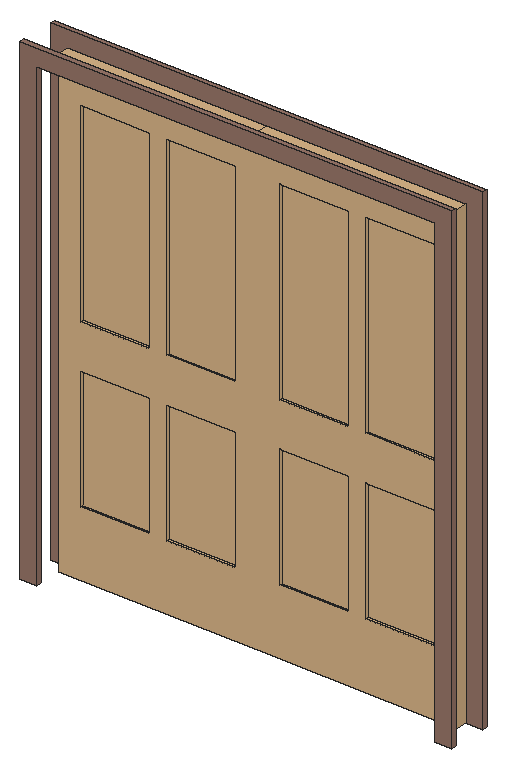
Revit family
Parameters (values of type "1830 x 2134mm")
  Thickness = 51.00 mm
  Door Material = Door - Panel
  Frame Material = Door - Frame
  Height = 2134.00 mm
  Trim Projection Ext = 25.00 mm
  Trim Projection Int = 25.00 mm
  Trim Width = 76.00 mm
  Wall Closure = (empty or 0)
  Width = 1830.00 mm
Types (5, lengths in mm): name | Height | Width
  1830 x 1981mm | 1981.00 | 1830.00
  1830 x 2083mm | 2083.00 | 1830.00
  1830 x 2134mm | 2134.00 | 1830.00
  1730 x 2134mm | 2134.00 | 1730.00
  1730 x 2032mm | 2032.00 | 1730.00
Reference planes
  plane 1: y = 0
  plane 2: z = 0
  plane 3 "Center": x = 0
  plane 4 "Left": x = -915
  plane 5 "Right": x = 915
  plane 6 "Top": z = 2134
  plane 7: z = 1956.2
  plane 8: z = 1066.8
  plane 9: z = 863.6
  plane 10: z = 304.8
  plane 11: x = 813.4
  plane 12: x = 495.6
  plane 13: x = 419.4
  plane 14: x = 101.6
  plane 15: x = -101.6
  plane 16: x = -419.4
  plane 17: x = -495.6
  plane 18: x = -813.4
  plane 19: x = 457.5
  plane 20: x = -457.5
Forms (mm)
  Extrusion 1, solid, material "Door - Frame" <- "Frame Material"
    sketch origin (-2286, -76.2, 0) x (1, 0, 0) y (0, 0, 1)
      loop
        line (1371, 0) -> (1371, 2134) -> (3201, 2134) -> (3201, 0) -> (3277, 0) -> (3277, 2210) -> (1295, 2210) -> (1295, 0) -> (1371, 0)
    from 0 to 25
  Extrusion 2, solid, material "Door - Panel" <- "Door Material"
    sketch origin (-2286, 101.6, 0) x (-1, 0, 0) y (0, 0, 1)
      loop
        line (-3201, 2134) -> (-3201, 0) -> (-2286, 0) -> (-1371, 0) -> (-1371, 2134) -> (-2286, 2134) -> (-3201, 2134)
      loop
        line (-3099.4, 1956.2) -> (-3099.4, 1066.8) -> (-2781.6, 1066.8) -> (-2781.6, 1956.2) -> (-3099.4, 1956.2)
      loop
        line (-2705.4, 1956.2) -> (-2705.4, 1066.8) -> (-2387.6, 1066.8) -> (-2387.6, 1956.2) -> (-2705.4, 1956.2)
      loop
        line (-3099.4, 863.6) -> (-3099.4, 304.8) -> (-2781.6, 304.8) -> (-2781.6, 863.6) -> (-3099.4, 863.6)
      loop
        line (-2705.4, 863.6) -> (-2705.4, 304.8) -> (-2387.6, 304.8) -> (-2387.6, 863.6) -> (-2705.4, 863.6)
      loop
        line (-2184.4, 1066.8) -> (-1866.6, 1066.8) -> (-1866.6, 1956.2) -> (-2184.4, 1956.2) -> (-2184.4, 1066.8)
      loop
        line (-1790.4, 1956.2) -> (-1790.4, 1066.8) -> (-1472.6, 1066.8) -> (-1472.6, 1956.2) -> (-1790.4, 1956.2)
      loop
        line (-2184.4, 863.6) -> (-2184.4, 304.8) -> (-1866.6, 304.8) -> (-1866.6, 863.6) -> (-2184.4, 863.6)
      loop
        line (-1790.4, 863.6) -> (-1790.4, 304.8) -> (-1472.6, 304.8) -> (-1472.6, 863.6) -> (-1790.4, 863.6)
    from -25.4 to -76.4
  Extrusion 3, solid, material "Door - Panel" <- "Door Material"
    sketch origin (-2286, 76.2, 0) x (-1, 0, 0) y (0, 0, 1)
      loop
        line (-3099.4, 1956.2) -> (-3099.4, 1066.8) -> (-2781.6, 1066.8) -> (-2781.6, 1956.2) -> (-3099.4, 1956.2)
      loop
        line (-2387.6, 1066.8) -> (-2387.6, 1956.2) -> (-2705.4, 1956.2) -> (-2705.4, 1066.8) -> (-2387.6, 1066.8)
      loop
        line (-3099.4, 304.8) -> (-2781.6, 304.8) -> (-2781.6, 863.6) -> (-3099.4, 863.6) -> (-3099.4, 304.8)
      loop
        line (-2387.6, 863.6) -> (-2705.4, 863.6) -> (-2705.4, 304.8) -> (-2387.6, 304.8) -> (-2387.6, 863.6)
      loop
        line (-2184.4, 1066.8) -> (-1866.6, 1066.8) -> (-1866.6, 1956.2) -> (-2184.4, 1956.2) -> (-2184.4, 1066.8)
      loop
        line (-1790.4, 1066.8) -> (-1472.6, 1066.8) -> (-1472.6, 1956.2) -> (-1790.4, 1956.2) -> (-1790.4, 1066.8)
      loop
        line (-2184.4, 863.6) -> (-2184.4, 304.8) -> (-1866.6, 304.8) -> (-1866.6, 863.6) -> (-2184.4, 863.6)
      loop
        line (-1790.4, 863.6) -> (-1790.4, 304.8) -> (-1472.6, 304.8) -> (-1472.6, 863.6) -> (-1790.4, 863.6)
    from -12.7 to -38.3
  Extrusion 4, solid, material "Door - Frame" <- "Frame Material"
    sketch origin (-1524, 76.2, 0) x (-1, 0, 0) y (0, 0, 1)
      loop
        line (-2515, 2210) -> (-2515, 0) -> (-2439, 0) -> (-2439, 2134) -> (-609, 2134) -> (-609, 0) -> (-533, 0) -> (-533, 2210) -> (-2515, 2210)
    from 0 to 25
Lines and regions (mm)
  Opening 1
    outline origin (-2286, -76.2, 0) x (1, 0, 0) y (0, 0, 1)
      loop
        line (1371, 0) -> (3201, 0) -> (3201, 2134) -> (1371, 2134) -> (1371, 0)
  symbolic lines, style "Plan Swing"
    curve 1: arc (-0.741, 76.2, 0) -> (-268.855, 723.484, 0) -> (-916.139, 991.598, 0) r 915.398
    curve 2: arc (-0.741, 76.2, 0) -> (267.469, 723.766, 0) -> (915.006, 992.045, 0) r 915.845
  symbolic lines, style "DoorsPanelProjection"
    curve 3: line (-916.139, 76.2, 0) -> (-864, 76.2, 0)
    curve 4: line (-916.139, 76.2, 0) -> (-916.139, 991.598, 0)
    curve 5: line (915.006, 76.2, 0) -> (864, 76.2, 0)
    curve 6: line (915.006, 76.2, 0) -> (915.006, 992.045, 0)
    curve 7: line (864, 76.2, 0) -> (864, 990.619, 0)
    curve 10: line (863.955, 990.619, 0) -> (915.001, 990.619, 0)
    curve 11: line (-916.139, 991.598, 0) -> (-864, 991.598, 0)
    curve 12: line (-864, 991.598, 0) -> (-864, 76.2, 0)
  model lines, style "DoorsPanelProjection"
    curve 8: line (0, 76.2, 2134) -> (0, 76.2, 0)
    curve 9: line (0, 25.2, 2134) -> (0, 25.2, 0)
  symbolic lines, style "Elevation Swing"
    curve 13: line (0, 0, 2134) -> (915, 0, 1067)
    curve 14: line (0, 0, 0) -> (915, 0, 1067)
    curve 15: line (0, 0, 2134) -> (-915, 0, 1067)
    curve 16: line (-915, 0, 1067) -> (0, 0, 0)
Text (mm)
  text "Exterior" at (-1490.41, 693.701, 0), in view "Floor Line"
  text "Interior" at (-1482.03, -638.649, 0), in view "Floor Line"
  text "Exterior" at (0, 1019.848, 3124.603), in view "Right"
  text "Interior" at (0, -1635.541, 3124.603), in view "Right"
  text "Interior" at (0, -787.806, 2867.919), in view "Left"
  text "Exterior" at (0, 1386.095, 2867.919), in view "Left"
Dimensions and locks
  equal spacing: plane 4 "Left", plane 3 "Center", plane 5 "Right"
  "Height": plane 2 to plane 6 "Top"
  "Trim Width": Extrusion 1 sketch curve to plane 4 "Left"
  "Trim Width": Extrusion 1 sketch curve to plane 5 "Right"
  "Trim Width": Extrusion 1 sketch curve to plane 6 "Top"
  "Trim Projection Int": Extrusion 1 to host wall
  plane 11 to plane 5 "Right" = 101.60 mm
  plane 18 to plane 4 "Left" = 101.60 mm
  plane 7 to plane 6 "Top" = 177.80 mm
  plane 9 to plane 8 = 203.20 mm
  host wall to plane 10 = 304.80 mm
  plane 14 to plane 3 "Center" to plane 15 = 101.60 mm locked, 101.60 mm locked
  "Thickness": Extrusion 2 to host wall
  "Trim Projection Ext": Extrusion 4 to host wall
  locked: Extrusion 2 to Extrusion 3 at 12.7
  locked: Extrusion 3 to Extrusion 2 at 12.7
  "Trim Width": plane 6 "Top" to Extrusion 4 sketch curve
  "Trim Width": plane 5 "Right" to Extrusion 4 sketch curve
  "Trim Width": Extrusion 4 sketch curve to plane 4 "Left"
  "Thickness": curve 7 to plane 5 "Right"
  "Width": plane 4 "Left" to plane 5 "Right"
  "Thickness": plane 4 "Left" to curve 12
  equal spacing: plane 11, plane 19, plane 14
  plane 12 to plane 19 to plane 13 = 38.10 mm locked, 38.10 mm locked
  equal spacing: plane 15, plane 20, plane 18
  plane 16 to plane 20 to plane 17 = 38.10 mm locked, 38.10 mm locked
  equal spacing: level, curve 14, plane 6 "Top"
  equal spacing: level, curve 16, plane 6 "Top"
  aligned and locked: plane 4 "Left" to Opening 1 sketch curve
  aligned and locked: plane 6 "Top" to Opening 1 sketch curve  (x2)
  aligned and locked: Opening 1 sketch curve to plane 5 "Right"
  aligned and locked: Opening 1 sketch curve to level
  aligned and locked: plane 4 "Left" to Extrusion 1 sketch curve
  aligned and locked: plane 6 "Top" to Extrusion 1 sketch curve  (x2)
  aligned and locked: plane 5 "Right" to Extrusion 1 sketch curve  (x2)
  aligned and locked: level to Extrusion 1 sketch curve
  aligned and locked: Extrusion 1 sketch curve to level
  aligned and locked: plane 2 to Extrusion 1 sketch curve
  aligned and locked: Extrusion 1 to host wall
  aligned and locked: plane 11 to Extrusion 2 sketch curve  (x2)
  aligned and locked: plane 7 to Extrusion 2 sketch curve  (x4)
  aligned and locked: plane 8 to Extrusion 2 sketch curve  (x4)
  aligned and locked: plane 12 to Extrusion 2 sketch curve  (x2)
  aligned and locked: plane 13 to Extrusion 2 sketch curve  (x2)
  aligned and locked: plane 14 to Extrusion 2 sketch curve  (x2)
  aligned and locked: plane 9 to Extrusion 2 sketch curve  (x4)
  aligned and locked: plane 10 to Extrusion 2 sketch curve  (x4)
  aligned and locked: plane 15 to Extrusion 2 sketch curve  (x2)
  aligned and locked: Extrusion 2 sketch curve to plane 16
  aligned and locked: plane 17 to Extrusion 2 sketch curve  (x2)
  aligned and locked: plane 18 to Extrusion 2 sketch curve  (x2)
  aligned and locked: plane 16 to Extrusion 2 sketch curve
  aligned and locked: plane 11 to Extrusion 3 sketch curve
  aligned and locked: plane 7 to Extrusion 3 sketch curve  (x2)
  aligned and locked: Extrusion 3 sketch curve to Extrusion 2  (x23)
  aligned and locked: plane 14 to Extrusion 3 sketch curve
  aligned and locked: Extrusion 3 sketch curve to plane 8
  aligned and locked: Extrusion 2 to Extrusion 3 sketch curve
  aligned and locked: host wall to Extrusion 2
  aligned and locked: curve 5 to Extrusion 2
  aligned and locked: curve 9 to curve 8
  aligned and locked: plane 16 to Extrusion 3 sketch curve
  aligned and locked: plane 17 to Extrusion 3 sketch curve
  aligned and locked: curve 10 to curve 7
  aligned and locked: host wall to curve 1
  aligned and locked: curve 3 to host wall
  aligned and locked: curve 11 to curve 4
Automatic sketch dimensions
  Extrusion 2 sketch curve to level = 0.00 mm
  Extrusion 2 sketch curve to plane 4 "Left" = 0.00 mm
  Extrusion 2 sketch curve to plane 3 "Center" = 0.00 mm  (x2)
  Extrusion 2 sketch curve to plane 5 "Right" = 0.00 mm
  Extrusion 2 sketch curve to plane 6 "Top" = 0.00 mm
  Extrusion 4 sketch curve to level = 0.00 mm  (x2)
  Extrusion 4 sketch curve to plane 5 "Right" = 0.00 mm
  Extrusion 4 sketch curve to plane 4 "Left" = 0.00 mm
  Extrusion 4 sketch curve to plane 6 "Top" = 0.00 mm
  Extrusion 3 sketch curve to plane 10 = 0.00 mm
  curve 10 to curve 7 = 0.045 mm
  curve 1 to plane 3 "Center" = 0.741 mm
  curve 2 to curve 1 = 0.00 mm
  curve 3 to curve 12 = 0.00 mm
  plane 4 "Left" to curve 4 = 1.139 mm
  curve 11 to curve 1 = 0.00 mm
  curve 10 to plane 5 "Right" = 0.001 mm
  curve 6 to plane 5 "Right" = 0.006 mm
  curve 5 to curve 2 = 0.098 mm
  curve 12 to curve 3 = 0.00 mm
  curve 13 to plane 3 "Center" = 0.00 mm
  curve 13 to plane 6 "Top" = 0.00 mm
  curve 9 to plane 3 "Center" = 0.00 mm
  curve 9 to plane 6 "Top" = 0.00 mm
  curve 8 to plane 6 "Top" = 0.00 mm
  curve 15 to plane 4 "Left" = 0.00 mm
  curve 13 to plane 5 "Right" = 0.00 mm
  curve 8 to level = 0.00 mm
  curve 9 to level = 0.00 mm
  curve 14 to level = 0.00 mm
  curve 16 to plane 3 "Center" = 0.00 mm
